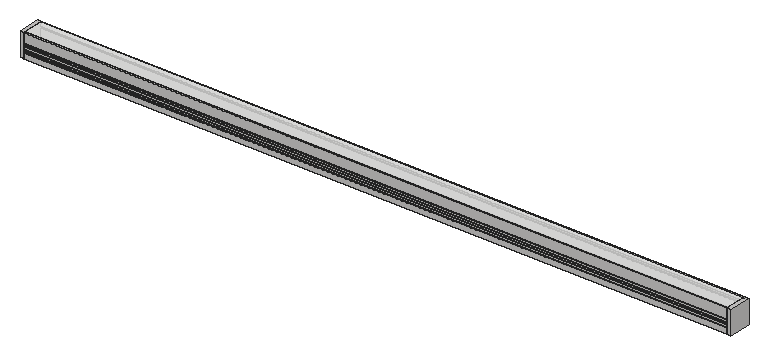
Revit family "Lighting-Luminii-Trident new", category Lighting Fixtures, host Face, Revit 2020
Family settings
  Host = Face
  Round Connector Dimension = Use Diameter
  Part Type = Normal
  OmniClass Number = 23.80.70.11.14.11
  OmniClass Title = Downlights
  Cut with Voids When Loaded = No
  Light Source = Yes
  Shared = Yes
  Room Calculation Point = No
Parameters (values of type "Trident")
  Width = 3/4"  # constant formula
  Wattage Comments = "6.5W"
  Wattage = 6.49954 W
  Warranty URL = "https://www.luminii.com/terms-conditions/"
  built-in parameter 1150110 = 1 (stored number, unit not read)
  Voltage Comments = "120VAC - 277VAC"  # constant formula
  Voltage = 120 V
  Version = "2020 - v1.0a"  # constant formula
  URL = "https://www.luminii.com/"
  built-in parameter 1114217 = 1 (stored number, unit not read)
  Tilt Angle = -90.00°  # constant formula
  built-in parameter 1150109 = 1 (stored number, unit not read)
  built-in parameter 1150134 = (empty or 0)
  built-in parameter 1150113 = 1 (stored number, unit not read)
  Support Phone = "224-699-9545"  # constant formula
  Support Email = "mailto:support@bimsmith.com"
  Right Endcap [instance] = yes
  Product Page URL = "Consult Manufacturer Website for more Information"
  Power Source Type = "Driver"  # constant formula
  Power Factor = 1
  Photometric Web File = "455-405-CS-HO-35-XX-XX-1'.ies"
  Phase = 1
  Operating Temperature = "Consult Manufacturer Website for more Information"  # constant formula
  Number of Poles = if(and(or(Voltage = 120 V, Voltage = 277 V), Phase = 1), 1, if(and(or(Voltage = 208 V, Voltage = 240 V), Phase = 1), 2, if(and(or(Voltage = 208 V, Voltage = 240 V), Phase = 3), 3, if(and(Voltage > 300 V, Phase = 1), 2, if(and(Voltage > 400 V, Phase = 3), 3, 1)))))  # 1
  Mounting Method = "Mounting Options Include: Suspension, Surface Mount Bracket, Flush Mount Magnet, Adjustable Bracket"  # constant formula
  Model = "455-405"  # constant formula
  Manufacturer Phone Number = "403-216-7043"  # constant formula
  Manufacturer Email = "mailto: info@sensolighting.com"
  Manufacturer Address = "302 50 Ave SE. Calgary, Alberta, T2G 2A9 Canada"  # constant formula
  Manufacturer = "Luminii"  # constant formula
  built-in parameter 1150105 = 55.704 (stored number, unit not read)
  Lumens = 700 lm
  Luminaire Type = "Wet-Rated Linear Profile"  # constant formula
  built-in parameter 1150115 = 1 (stored number, unit not read)
  Load Classification = Lighting
  built-in parameter 1150137 = (empty or 0)
  built-in parameter 1150139 = (empty or 0)
  Lens Material = Plastic - Luminii - Frosted Lens
  Length [instance] = if(Desired Length < 12", 12", if(Desired Length > 96", 96", Desired Length))  # 24"
  Left Endcap [instance] = yes
  built-in parameter 1150112 = 1 (stored number, unit not read)
  built-in parameter 1150114 = 1 (stored number, unit not read)
  Lamp Life = 1
  Lamp = "LED"  # constant formula
  Keynote = "26 50 00"
  built-in parameter 1150132 = 2
  built-in parameter 1150102 = (empty or 0)
  built-in parameter 1150107 = 3500 (stored number, unit not read)
  Initial Color Comments = "Perfomance based on 3500K Photometric Web File"  # constant formula
  built-in parameter 1150138 = (empty or 0)
  built-in parameter 1150106 = 0.55704 (stored number, unit not read)
  Housing Protection Rating = "Consult Manufacturer Website for more Information"  # constant formula
  Height = 101/128"  # constant formula
  Has Dimming = 1 = 1  # yes
  Has Battery Backup = 0 = 1  # no
  Frequency Comments = ""  # constant formula
  Frequency = 60 Hz
  Finish = Metal - Luminii - Silver Anodized Aluminum
  Environment = "Indoor/Outdoor"  # constant formula
  Emit from Line Length = 24"
  built-in parameter 1150104 = 10.006 (stored number, unit not read)
  Dimming Type = "Consult Manufacturer Website for more Information"  # constant formula
  Dimming Lamp Color Temperature Shift = <None>
  Desired Length [instance] = 24"
  Description = "Wet-Rated Linear Profile"  # constant formula
  Default Elevation = 0"  # constant formula
  Current Amps = 50 A
  Copyright = "©2024 Luminii"  # constant formula
  Control Zone = "Consult Manufacturer Website for more Information"  # constant formula
  Control Type = "Consult Manufacturer Website for more Information"  # constant formula
  Constraints = 1  # constant formula
  Color Filter = 16777215
  built-in parameter 1114216 [instance] = 0  # (empty or 0)
  built-in parameter 1140040 [instance] = 1 = 1  # 1
  CCT = "3500K"
  built-in parameter 1114218 = 1 (stored number, unit not read)
  built-in parameter 1150133 = 10 (stored number, unit not read)
  Assembly Code = "D5040.50"
  Apparent Load = Wattage / Power Factor  # 6.49954 VA
Reference planes (in)
  plane 1 "Center (Front/Back)": y = 0
  plane 2: z = 0
  plane 3 "Center (Left/Right)": x = 0
  plane 4: x = 0
  plane 5: x = 0
  plane 6: y = 0.375
  plane 7: y = -0.375
  plane 8: x = -12
  plane 9: x = 12
  plane 10: z = 0.78906
Forms (in)
  Extrusion 1, solid, material "Metal - Luminii - Silver Anodized Aluminum", not visible
    sketch origin (0, 0, 0) x (1, 0, 0) y (0, 1, 0)
      loop
        circle (0, 0) r 0.03125
    from 0 to 0.13183
Dimensions and locks (in)
  equal spacing: plane 4, plane 3 "Center (Left/Right)", plane 5
  equal spacing: plane 6, plane 1 "Center (Front/Back)", plane 7
  plane 4 to plane 5 = 0"
  "Width": plane 6 to plane 7
  equal spacing: plane 8, plane 3 "Center (Left/Right)", plane 9
  "Length": plane 8 to plane 9
  locked: Extrusion 1 to plane 2 at 0.13183
  "Height": plane 10 to host face
  aligned and locked: plane 2 to host face
  aligned and locked: plane 3 "Center (Left/Right)" to Extrusion 1 sketch curve
  aligned and locked: plane 5 to nested 1
  aligned and locked: plane 1 "Center (Front/Back)" to nested 1
  aligned and locked: Extrusion 1 to level
  aligned and locked: imposter light to plane 10
  aligned and locked: plane 1 "Center (Front/Back)" to imposter light
  aligned and locked: imposter light to plane 3 "Center (Left/Right)"
  aligned and locked: plane 1 "Center (Front/Back)" to Extrusion 1 sketch curve
Automatic sketch dimensions
  host sketch curve to host sketch curve = 96"  (x2)
  radius of Extrusion 1 sketch curve = 1/32"
Nested families (in)
  nested 1: "Nested Lamp" at (0, 0, 0), type "Nested Lamp"
Connectors (in)
  electrical at (0, 0, 0), driven by "Number of Poles", driven by "Load Classification", driven by "Voltage", driven by "Apparent Load", driven by "Power Factor"
    settings: on Extrusion 1, index 1, voltage 120 V, apparent load 6.49954 VA, apparent load phase1 0 VA, apparent load phase2 0 VA, apparent load phase3 0 VA, power factor 1, load classification "Lighting", number of poles 1, system type 30, power factor state 1, is connector primary yes, connector utility no, sub classification motor no, connector description "Power Connection"
Definition of nested family "Nested Lamp"
  Parameters (values of type "Nested Lamp")
    Right Cap = yes
    Lens = none
    Length = 24"
    Left Cap = yes
    Finish = none
    Default Elevation = 48"
    C Right Endcap = if(Right Cap, 1/8", 0")  # 1/8"
    C Left Endcap = if(Left Cap, 1/8", 0")  # 1/8"
  Reference planes (in)
    plane 1 "Center (Front/Back)": y = 0
    plane 2: z = 0
    plane 3 "Center (Left/Right)": x = 0
    plane 4: x = -11.875
    plane 5: x = 11.875
    plane 6: x = 12
    plane 7: x = -12
  Forms (in)
    Extrusion 1, solid
      sketch origin (0, 0, 0) x (1, 0, 0) y (0, 1, 0)
        loop
          line (-48, 48) -> (-48, -48) -> (48, -48) -> (48, 48) -> (-48, 48)
      from 0 to -12
    Sweep 2, solid, material <- "Finish", detail levels medium+fine
      path origin (0, 0, 0) x (1, 0, 0) y (0, 1, 0)
        loop
          line (-11.875, 0) -> (11.875, 0)
      profile origin (0, 0, 0) x (0, 1, 0) y (0, 0, 1)
        loop
          line (0.375, 0.7874) -> (0.34375, 0.7874) -> (0.29626, 0.70868) -> (0.33563, 0.62994) -> (0.29626, 0.62994) -> (0.29626, 0.35858) -> (0.25264, 0.31496) -> (-0.25264, 0.31496) -> (-0.29626, 0.35858) -> (-0.29626, 0.62994) -> (-0.33563, 0.62994) -> (-0.29626, 0.70868) -> (-0.34375, 0.7874) -> (-0.375, 0.7874) -> (-0.375, 0.4626) -> (-0.33957, 0.4626) -> (-0.33957, 0.42323) -> (-0.375, 0.42323) -> (-0.375, 0.3843) -> (-0.33957, 0.3843) -> (-0.33957, 0.34493) -> (-0.375, 0.34493) -> (-0.375, 0.30601) -> (-0.33957, 0.30601) -> (-0.33957, 0.26566) -> (-0.375, 0.26566) -> (-0.375, 0.22576) -> (-0.33957, 0.22576) -> (-0.33957, 0.18639) -> (-0.375, 0.18639) -> (-0.375, 0) -> (-0.29626, 0) -> (-0.29626, 0.06846) -> (-0.25425, 0.06846) -> (-0.25425, 0.17103) -> (-0.20335, 0.17103) -> (-0.19126, 0.11417) -> (-0.07556, 0.11417) -> (-0.07556, 0.15354) -> (-0.15945, 0.15354) -> (-0.15945, 0.27079) -> (0.15945, 0.27079) -> (0.15945, 0.15354) -> (0.07556, 0.15354) -> (0.07556, 0.11417) -> (0.19126, 0.11417) -> (0.20335, 0.17103) -> (0.25425, 0.17103) -> (0.25425, 0.06846) -> (0.29626, 0.06846) -> (0.29626, 0) -> (0.375, 0) -> (0.375, 0.18639) -> (0.33957, 0.18639) -> (0.33957, 0.22576) -> (0.375, 0.22576) -> (0.375, 0.26566) -> (0.33957, 0.26566) -> (0.33957, 0.30601) -> (0.375, 0.30601) -> (0.375, 0.34493) -> (0.33957, 0.34493) -> (0.33957, 0.3843) -> (0.375, 0.3843) -> (0.375, 0.42323) -> (0.33957, 0.42323) -> (0.33957, 0.4626) -> (0.375, 0.4626) -> (0.375, 0.7874)
    Sweep 3, solid, material <- "Finish", visible <- "Left Cap"
      path origin (-28, 0, 0) x (-1, 0, 0) y (0, 1, 0)
        loop
          line (-16.125, 0) -> (-16, 0)
      profile origin (-11.9375, 0, 0) x (0, -1, 0) y (0, 0, 1)
        loop
          line (0.375, 0.7874) -> (-0.375, 0.7874) -> (-0.375, 0) -> (0.375, 0) -> (0.375, 0.7874)
    Sweep 4, solid, material <- "Finish", visible <- "Right Cap"
      path origin (28, 0, 0) x (1, 0, 0) y (0, 1, 0)
        loop
          line (-16.125, 0) -> (-16, 0)
      profile origin (11.9375, 0, 0) x (0, 1, 0) y (0, 0, 1)
        loop
          line (-0.375, 0.7874) -> (-0.375, 0) -> (0.375, 0) -> (0.375, 0.7874) -> (-0.375, 0.7874)
    Sweep 5, solid, material <- "Lens", detail levels medium+fine
      path origin (0, 0, 0) x (1, 0, 0) y (0, 1, 0)
        loop
          line (-11.875, 0) -> (11.875, 0)
      profile origin (0, 0, 0) x (0, 1, 0) y (0, 0, 1)
        loop
          line (0.34375, 0.7874) -> (-0.34375, 0.7874) -> (-0.29626, 0.70868) -> (-0.33563, 0.62994) -> (-0.29626, 0.62994) -> (-0.29626, 0.35858) -> (-0.25264, 0.31496) -> (0.25264, 0.31496) -> (0.29626, 0.35858) -> (0.29626, 0.62994) -> (0.33563, 0.62994) -> (0.29626, 0.70868) -> (0.34375, 0.7874)
    Sweep 6, solid, material <- "Finish", detail levels coarse
      path origin (0, 0, 0) x (1, 0, 0) y (0, 1, 0)
        loop
          line (-11.875, 0) -> (11.875, 0)
      profile origin (0, 0, 0) x (0, 1, 0) y (0, 0, 1)
        loop
          line (0.375, 0.7874) -> (0.29626, 0.7874) -> (0.29626, 0.31496) -> (-0.29626, 0.31496) -> (-0.29626, 0.7874) -> (-0.375, 0.7874) -> (-0.375, 0) -> (0.375, 0) -> (0.375, 0.7874)
    Sweep 7, solid, material <- "Lens", detail levels coarse
      path origin (0, 0, 0) x (1, 0, 0) y (0, 1, 0)
        loop
          line (-11.875, 0) -> (11.875, 0)
      profile origin (0, 0, 0) x (0, 1, 0) y (0, 0, 1)
        loop
          line (0.29626, 0.7874) -> (-0.29626, 0.7874) -> (-0.29626, 0.31496) -> (0.29626, 0.31496) -> (0.29626, 0.7874)
  Dimensions and locks (in)
    "Length": plane 7 to plane 6
    "C Left Endcap": plane 7 to plane 4
    "C Right Endcap": plane 5 to plane 6
    locked: plane 7 to Sweep 3 sketch curve at 0.125
    locked: Sweep 4 sketch curve to plane 6 at 0.125
    equal spacing: plane 7, plane 3 "Center (Left/Right)", plane 6
    aligned and locked: plane 2 to Extrusion 1
    aligned and locked: level to Extrusion 1
    aligned and locked: plane 4 to Sweep 2 sketch curve
    aligned and locked: plane 1 "Center (Front/Back)" to Sweep 2 sketch curve
    aligned and locked: plane 5 to Sweep 2 sketch curve
    aligned and locked: Sweep 3 sketch curve to plane 1 "Center (Front/Back)"
    aligned and locked: plane 7 to Sweep 3 sketch curve
    aligned and locked: plane 1 "Center (Front/Back)" to Sweep 4 sketch curve
    aligned and locked: plane 6 to Sweep 4 sketch curve
    aligned and locked: plane 5 to Sweep 5 sketch curve
    aligned and locked: plane 4 to Sweep 5 sketch curve
    aligned and locked: plane 1 "Center (Front/Back)" to Sweep 5 sketch curve
  Automatic sketch dimensions
    Extrusion 1 sketch curve to Extrusion 1 sketch curve = 96"  (x2)
    Sweep 2 sketch curve to level = 0"  (x2)
    profile plane to Sweep 2 sketch curve = 3/8"
    Sweep 2 sketch curve to Sweep 2 sketch curve = 0"  (x8)
    Sweep 2 sketch curve to Sweep 2 sketch curve = 1/32"
    Sweep 2 sketch curve to Sweep 2 sketch curve = 0.03543"  (x9)
    Sweep 2 sketch curve to Sweep 2 sketch curve = 0.00812"
    Sweep 2 sketch curve to Sweep 2 sketch curve = 0.07874"  (x3)
    Sweep 2 sketch curve to Sweep 2 sketch curve = 0.04331"  (x2)
    Sweep 2 sketch curve to Sweep 2 sketch curve = 0.08532"  (x2)
    Sweep 2 sketch curve to Sweep 2 sketch curve = 0.04362"  (x2)
    Sweep 2 sketch curve to Sweep 2 sketch curve = 0.05091"
    Sweep 2 sketch curve to Sweep 2 sketch curve = 0.01208"
    Sweep 2 sketch curve to Sweep 2 sketch curve = 0.0439"  (x2)
    profile plane to Sweep 2 sketch curve = 0.07556"
    Sweep 2 sketch curve to profile plane = 0.07556"
    Sweep 2 sketch curve to Sweep 2 sketch curve = 0.08389"
    Sweep 2 sketch curve to Sweep 2 sketch curve = 0.03181"
    Sweep 2 sketch curve to Sweep 2 sketch curve = 0.0932"
    Sweep 2 sketch curve to Sweep 2 sketch curve = 0.06299"
    Sweep 2 sketch curve to Sweep 2 sketch curve = 0.04201"
    Sweep 2 sketch curve to Sweep 2 sketch curve = 0.03937"  (x9)
    Sweep 2 sketch curve to Sweep 2 sketch curve = 0.04749"
    level to Sweep 2 sketch curve = 0.06846"
    Sweep 2 sketch curve to Sweep 2 sketch curve = 0.06846"
    Sweep 2 sketch curve to Sweep 2 sketch curve = 0.04572"
    level to Sweep 2 sketch curve = 0.11417"
    Sweep 2 sketch curve to Sweep 2 sketch curve = 0.01749"
    Sweep 2 sketch curve to Sweep 2 sketch curve = 0.05686"
    Sweep 2 sketch curve to Sweep 2 sketch curve = 0.01536"  (x2)
    Sweep 2 sketch curve to Sweep 2 sketch curve = 0.0399"  (x2)
    Sweep 2 sketch curve to Sweep 2 sketch curve = 0.09976"
    Sweep 2 sketch curve to Sweep 2 sketch curve = 0.04035"  (x2)
    Sweep 2 sketch curve to Sweep 2 sketch curve = 0.00895"
    Sweep 2 sketch curve to Sweep 2 sketch curve = 0.03892"  (x4)
    Sweep 2 sketch curve to Sweep 2 sketch curve = 0.01364"  (x2)
    Sweep 2 sketch curve to Sweep 2 sketch curve = 0.16735"  (x2)
    Sweep 2 sketch curve to Sweep 2 sketch curve = 0.07872"  (x2)
    Sweep 3 sketch curve to level = 0"
    profile plane to Sweep 3 sketch curve = 3/8"
    Sweep 3 sketch curve to profile plane = 3/8"
    Sweep 3 sketch curve to Sweep 3 sketch curve = 0.7874"
    Sweep 4 sketch curve to level = 0"
    profile plane to Sweep 4 sketch curve = 3/8"
    Sweep 4 sketch curve to profile plane = 3/8"
    Sweep 4 sketch curve to Sweep 4 sketch curve = 0.7874"
    profile plane to Sweep 5 sketch curve = 11/32"
    Sweep 5 sketch curve to Sweep 5 sketch curve = 0.00812"
    Sweep 5 sketch curve to Sweep 5 sketch curve = 0.03937"  (x3)
    Sweep 5 sketch curve to Sweep 5 sketch curve = 0.04362"  (x4)
    Sweep 5 sketch curve to profile plane = 0.25264"
    Sweep 5 sketch curve to profile plane = 0.29626"
    Sweep 5 sketch curve to Sweep 5 sketch curve = 0.04749"
    level to Sweep 5 sketch curve = 0.31496"
    Sweep 5 sketch curve to Sweep 5 sketch curve = 0.27137"  (x2)
    Sweep 5 sketch curve to Sweep 5 sketch curve = 0.07874"  (x2)
    Sweep 5 sketch curve to Sweep 5 sketch curve = 0.07872"
    plane 1 "Center (Front/Back)" to Sweep 6 sketch curve = 0"
    Sweep 6 sketch curve to plane 4 = 0"
    Sweep 6 sketch curve to plane 5 = 0"
    plane 1 "Center (Front/Back)" to Sweep 7 sketch curve = 0"
    Sweep 7 sketch curve to plane 4 = 0"
    Sweep 7 sketch curve to plane 5 = 0"
    profile plane to Sweep 7 sketch curve = 0.29626"
    Sweep 7 sketch curve to profile plane = 0.29626"
    level to Sweep 7 sketch curve = 0.31496"
    Sweep 7 sketch curve to Sweep 7 sketch curve = 0.47244"
    Sweep 6 sketch curve to level = 0"
    profile plane to Sweep 6 sketch curve = 3/8"
    Sweep 6 sketch curve to Sweep 6 sketch curve = 0.07874"  (x2)
    Sweep 6 sketch curve to profile plane = 0.29626"
    Sweep 6 sketch curve to Sweep 6 sketch curve = 0.31496"
    Sweep 6 sketch curve to Sweep 6 sketch curve = 0.47244"  (x2)
